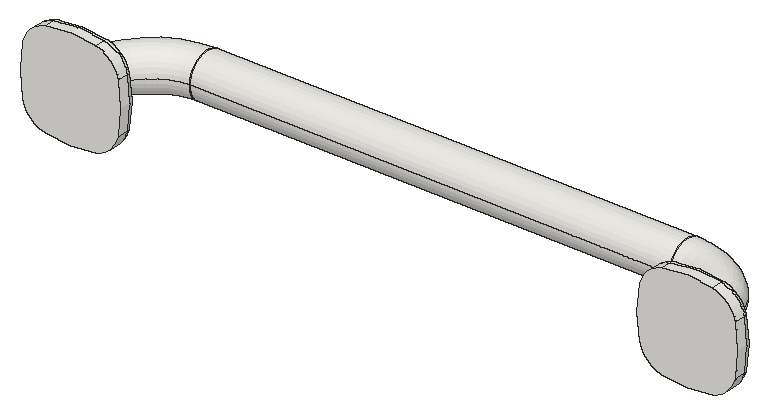
Revit family "Greb 450 mm hvid", category Plumbing Fixtures, host Wall, Revit 2024
Family settings
  Host = Wall
  Round Connector Dimension = Use Diameter
  Part Type = Normal
  OmniClass Number = 23.45.00.00
  OmniClass Title = Sanitary, Laundry, and Cleaning Equipment
  Enable Cutting in Views = No
  Always vertical = Yes
  Cut with Voids When Loaded = No
  Maintain Annotation Orientation = No
  Shared = No
  Room Calculation Point = No
Parameters (values of type "Type 1")
  Default Elevation = 0 mm
Reference planes
  plane 1: y = 0
  plane 2 "Center (Left/Right)": x = 125
  plane 3 "Back": y = 75
Lines and regions (mm)
  reference lines
    curve 1: line (575, 75, 0) -> (575, 295, 0)
    curve 2: line (125, 75, 0) -> (125, 225, 0)
    curve 3: line (125, 86.997, 0) -> (125, 236.997, 0)
    curve 4: line (575, 86.994, 0) -> (575, 196.994, 0)
    curve 5: line (125, 131.318, 866.024) -> (125, 153.906, 866.024)
Text (mm)
  text "Placement side" at (-1787.139, 592.35, 0), in view "Ref. Level"
  text "Placement side" at (0, 230.823, 2917.686), in view "Left"
  text "Placement side" at (0, 562.268, 3853.606), in view "Right"
Dimensions and locks
  locked: plane 3 "Back" to host wall
  locked: level to nested 1 at 850
  aligned and locked: host wall to plane 1
  aligned and locked: nested 1 to plane 3 "Back"
  aligned and locked: nested 1 to plane 2 "Center (Left/Right)"
Nested families
  nested 1: "Modular handrails" at (575, 75, 850) x (-1, 0, 0) z (0, 0, 1), type "16211W"
Definition of nested family "Modular handrails"
  Parameters (values of type "16277W")
    _Pipe_Length_ = _Length_ - 100 mm  # 900 mm
    _Length_ = 1000 mm
    _BIM_Content_Update_Date_ = "08.03.2021"  # constant formula
    _BIM_Content_Publish_Date_ = ""
    _BIM_Author_Contact_Details_ = "Mika Leinonen, B.Eng\r\nRevit BIM and 3D-visualization specialist\r\n\r\nCEO, Treedee Oy\r\n\r\nmika.leinonen@treedee.fi\r\n\r\n+358 (0) 40 188 5182\r\n\r\nwww.treedee.fi"
    _BIM_Author_ = "Mika Leinonen - Treedee Oy"  # constant formula
    URL = "https://korpinen.com/"
    Model = ""
    Manufacturer = "Väinö Korpinen Oy"  # constant formula
    _Color_ = none
    Default Elevation = 0 mm
  Types (18, lengths in mm): name | _Pipe_Length_ | _Length_
    16200W | 250 | 350
    16200G | 250 | 350
    16200R | 250 | 350
    16211W | 350 | 450
    16211G | 350 | 450
    16211R | 350 | 450
    16222W | 450 | 550
    16222G | 450 | 550
    16222R | 450 | 550
    16255W | 600 | 700
    16255G | 600 | 700
    16255R | 600 | 700
    16266W | 700 | 800
    16266G | 700 | 800
    16266R | 700 | 800
    16277W | 900 | 1000
    16277G | 900 | 1000
    16277R | 900 | 1000
  Reference planes
    plane 1 "Center (Front/Back)": y = 0
    plane 2: z = 0
    plane 3 "Center (Left/Right)": x = 0
    plane 4: z = 0
    plane 5: x = 1000
    plane 6: x = 963.196
    plane 7: x = 1036.804
  Lines and regions (mm)
    symbolic lines
      curve 1: line (963.196, 0, 0) -> (963.196, -8.005, 0)
      curve 2: line (967.148, -11.997, 0) -> (1032.788, -11.997, 0)
      curve 3: arc (963.196, -8.005, 0) -> (964.363, -10.822, 0) -> (967.18, -11.989, 0) r 3.984
      curve 4: line (1036.804, 0, 0) -> (1036.804, -8.005, 0)
      curve 5: arc (1036.804, -8.005, 0) -> (1035.637, -10.822, 0) -> (1032.82, -11.989, 0) r 3.984
      curve 6: line (1036.804, 0, 0) -> (963.196, 0, 0)
      curve 7: line (-36.773, 0, 0) -> (-36.773, -8.008, 0)
      curve 8: line (-32.787, -11.994, 0) -> (31.124, -11.994, 0)
      curve 9: arc (-36.773, -8.008, 0) -> (-35.605, -10.826, 0) -> (-32.787, -11.994, 0) r 3.986
      curve 10: line (36.836, 0, 0) -> (36.836, -8.005, 0)
      curve 11: line (32.852, -11.989, 0) -> (16, -11.989, 0)
      curve 12: arc (36.836, -8.005, 0) -> (35.669, -10.822, 0) -> (32.852, -11.989, 0) r 3.983
      curve 13: line (36.836, 0, 0) -> (-36.773, 0, 0)
      curve 14: arc (984.002, -11.997, 0) -> (974.043, -36.04, 0) -> (950, -45.999, 0) r 34.002
      curve 15: arc (1016, -11.997, 0) -> (996.669, -58.666, 0) -> (950, -77.997, 0) r 66
      curve 16: line (950, -77.997, 0) -> (950, -45.999, 0)
      curve 17: arc (16, -11.989, 0) -> (25.955, -36.037, 0) -> (50, -45.999, 0) r 34
      curve 18: arc (-16.003, -11.994, 0) -> (3.329, -58.665, 0) -> (50, -77.997, 0) r 66.003
      curve 19: line (50, -77.997, 0) -> (50, -45.999, 0)
      curve 20: line (50, -45.999, 0) -> (950, -45.999, 0)
      curve 21: line (950, -77.997, 0) -> (50, -77.997, 0)
  Dimensions and locks
    "_Length_": plane 5 to plane 3 "Center (Left/Right)"
    "_Length_": plane 3 "Center (Left/Right)" to plane 5
    equal spacing: plane 6, plane 5, plane 7
    locked: plane 6 to plane 7 at 73.607
    aligned and locked: level to plane 2
    aligned and locked: nested 2 to nested 1
    aligned and locked: plane 3 "Center (Left/Right)" to nested 3
    aligned and locked: nested 1 to nested 3
    aligned and locked: curve 1 to plane 6
    aligned and locked: curve 4 to plane 7
  Automatic sketch dimensions
    curve 17 to curve 18 = 0.006 mm
    plane 1 "Center (Front/Back)" to curve 7 = 0 mm
    curve 7 to plane 3 "Center (Left/Right)" = 36.773 mm
    curve 7 to curve 8 = 3.986 mm
    plane 3 "Center (Left/Right)" to curve 11 = 16 mm
    curve 11 to curve 11 = 16.852 mm
    curve 12 to curve 10 = 3.983 mm
    curve 11 to curve 19 = 17.148 mm
    curve 16 to plane 5 = 50 mm
    plane 1 "Center (Front/Back)" to curve 7 = 8.008 mm
    curve 8 to curve 12 = 3.988 mm
    curve 16 to curve 16 = 31.998 mm
    curve 8 to curve 11 = 1.728 mm
    curve 2 to curve 14 = 16.854 mm
    curve 15 to curve 2 = 16.788 mm
    plane 1 "Center (Front/Back)" to curve 2 = 11.997 mm
  Nested families
    nested 1: "Modular tube" at (50, -62, 0), Length <- "_Pipe_Length_", type "500mm"
      with Vertical no, Length 900 mm, Horizontal yes
    nested 2: "Modular 90" at (1000, 0, 0) x (-1, 0, 0) z (0, 0, 1), type "End 90 horizontal"
    nested 3: "Modular 90" at (0, 0, 0), type "End 90 horizontal"
  Definition of nested family "Modular tube"
    Parameters (values of type "500mm")
      Vertical [instance] = not(Horizontal)  # no
      URL = ""
      Model = ""
      Manufacturer = ""
      Length [instance] = 522 mm
      Horizontal [instance] = yes
      Default Elevation = 0 mm
      Colour = none
      Assembly Code = ""
    Reference planes
      plane 1 "Center (Front/Back)": y = 0
      plane 2: z = 0
      plane 3 "Center (Left/Right)": x = 0
      plane 4: z = 0
      plane 5: x = 522
      plane 6: z = 522
    Forms (mm)
      Sweep 1, solid, material <- "Colour", visible <- "Horizontal"
        path origin (0, 0, 0) x (1, 0, 0) y (0, 1, 0)
          loop
            line (0, 0) -> (522, 0)
        profile origin (261, 0, 0) x (0, 1, 0) y (0, 0, 1)
          loop
            circle (0, 0) r 16
      Sweep 2, solid, visible <- "Vertical"
        path origin (0, 0, 0) x (1, 0, 0) y (0, 0, 1)
          loop
            line (0, 0) -> (0, 522)
        profile origin (0, 0, 261) x (-1, 0, 0) y (0, -1, 0)
          loop
            circle (0, 0) r 16
    Dimensions and locks
      "Length": plane 3 "Center (Left/Right)" to plane 5
      "Length": plane 6 to level
      aligned and locked: level to plane 2
      aligned and locked: plane 3 "Center (Left/Right)" to Sweep 1 sketch curve
      aligned and locked: plane 1 "Center (Front/Back)" to Sweep 1 sketch curve
      aligned and locked: plane 6 to Sweep 2 sketch curve
      aligned and locked: level to Sweep 2 sketch curve
      aligned and locked: plane 3 "Center (Left/Right)" to Sweep 2 sketch curve
    Automatic sketch dimensions
      Sweep 1 sketch curve to plane 5 = 0 mm
      Sweep 1 sketch curve to level = 0 mm
      Sweep 1 sketch curve to profile plane = 0 mm
      plane 1 "Center (Front/Back)" to Sweep 2 sketch curve = 0 mm
      Sweep 2 sketch curve to profile plane = 0 mm
      radius of Sweep 1 sketch curve = 16 mm
      radius of Sweep 2 sketch curve = 16 mm
  Definition of nested family "Modular 90"
    Parameters (values of type "End 90 horizontal")
      Vertical = no
      URL = ""
      Model = ""
      Manufacturer = ""
      Horizontal = yes
      Default Elevation = 0 mm
      Colour = none
      Assembly Code = ""
    Types (3, lengths in mm): name | Vertical | Horizontal | Default Elevation
      End 90 horizontal | no | yes | 0
      End 90 vertical | yes | no | 0
      End 90 | yes | no | 1219.2
    Reference planes
      plane 1 "Center (Front/Back)": y = 0
      plane 2: z = 0
      plane 3 "Center (Left/Right)": x = 0
      plane 4: z = 0
      plane 5: x = 0
      plane 6: x = -18.5
      plane 7: x = 18.5
      plane 8: z = 18.5
      plane 9: z = -18.5
      plane 10: x = -35
      plane 11: x = 35
      plane 12: z = 35
      plane 13: z = -35
      plane 14: x = 50.02
      plane 15: y = -62
      plane 16: y = -12
    Forms (mm)
      Extrusion 1, solid, material <- "Colour"
        sketch origin (601.041, 0, -601.041) x (0.707107, 0, 0.707107) y (-0.707107, 0, 0.707107)
          loop
            line (-35.355, 850) -> (0, 814.645) -> (35.355, 850) -> (0, 885.355) -> (-35.355, 850)
        from 0 to 12
      Sweep 2, solid, material <- "Colour"
        path in 3D
          loop
            arc (18.5, -12, 35) -> (29.056, -12, 29.056) -> (35, -12, 18.5) r 22.5
            arc (35, -12, 18.5) -> (36.771, -12, 0) -> (35, -12, -18.5) r 97.5
            arc (35, -12, -18.5) -> (29.056, -12, -29.056) -> (18.5, -12, -35) r 22.5
            arc (18.5, -12, -35) -> (0, -12, -36.771) -> (-18.5, -12, -35) r 97.5
            arc (-18.5, -12, -35) -> (-29.056, -12, -29.056) -> (-35, -12, -18.5) r 22.5
            arc (-35, -12, -18.5) -> (-36.771, -12, 0) -> (-35, -12, 18.5) r 97.5
            arc (-35, -12, 18.5) -> (-29.056, -12, 29.056) -> (-18.5, -12, 35) r 22.5
            arc (-18.5, -12, 35) -> (0, -12, 36.771) -> (18.5, -12, 35) r 97.5
        profile origin (0, -12, 36.771) x (0, 0, 1) y (0, -1, 0)
          loop
            line (0, -12) -> (0, -4)
            arc (0, -4) -> (-1.172, -1.172) -> (-4, 0) r 4
            line (-4, 0) -> (-14, 0) -> (-14, -12) -> (0, -12)
      Sweep 3, solid, material <- "Colour", visible <- "Horizontal"
        path origin (0, 0, 0) x (1, 0, 0) y (0, 1, 0)
          loop
            arc (0, -12) -> (14.645, -47.355) -> (50, -62) r 50
        profile origin (14.645, -47.355, 0) x (0.707107, 0.707107, 0) y (0, 0, 1)
          loop
            circle (0, 0) r 16
      Sweep 4, solid, material <- "Colour", visible <- "Vertical"
        path origin (0, 0, 0) x (0, 0, -1) y (0, 1, 0)
          loop
            arc (0, -12) -> (14.645, -47.355) -> (50, -62) r 50
        profile origin (0, -47.355, -14.645) x (0, 0.707107, -0.707107) y (1, 0, 0)
          loop
            circle (0, 0) r 16
    Cuts and joins
      joined: Extrusion 1, Sweep 2
    Lines and regions (mm)
      sketch lines
        curve 1: arc (-18.5, -12, 35) -> (0, -12, 36.771) -> (18.5, -12, 35) r 97.5
        curve 2: arc (18.5, -12, 35) -> (29.056, -12, 29.056) -> (35, -12, 18.5) r 22.5
        curve 3: arc (35, -12, 18.5) -> (36.771, -12, 0) -> (35, -12, -18.5) r 97.5
        curve 4: arc (35, -12, -18.5) -> (29.056, -12, -29.056) -> (18.5, -12, -35) r 22.5
        curve 5: arc (18.5, -12, -35) -> (0, -12, -36.771) -> (-18.5, -12, -35) r 97.5
        curve 6: arc (-18.5, -12, -35) -> (-29.056, -12, -29.056) -> (-35, -12, -18.5) r 22.5
        curve 7: arc (-35, -12, -18.5) -> (-36.771, -12, 0) -> (-35, -12, 18.5) r 97.5
        curve 8: arc (-35, -12, 18.5) -> (-29.056, -12, 29.056) -> (-18.5, -12, 35) r 22.5
    Dimensions and locks
      locked: plane 5 to plane 14 at 50.02
      plane 15 to plane 1 "Center (Front/Back)" = 62 mm
      angle plane 3 "Center (Left/Right)" to plane 5 = 0.00°
      angle level to plane 4 = 0.00°
      aligned and locked: level to plane 2
